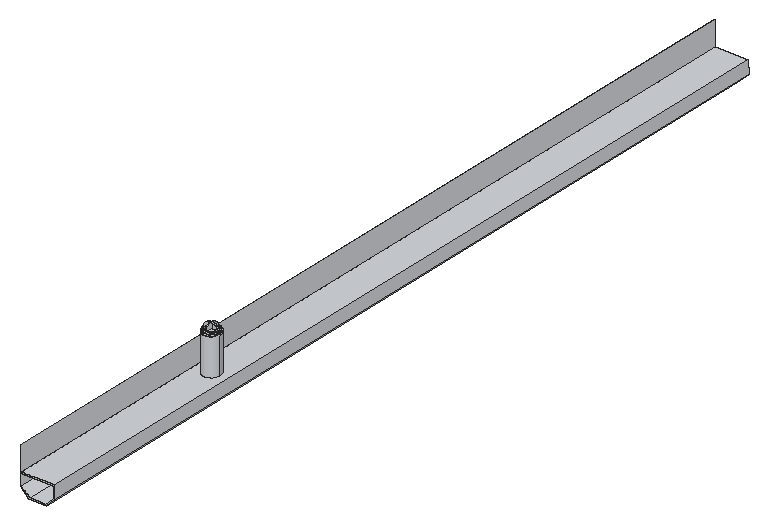
Revit family "nbl_TritonSystems_AquaChannel-ChannelRoddingEye", category Plumbing Fixtures, Revit 2012
Parameters
  WarrantyStartDate [instance] = ""
  WarrantyGuarantorParts = ""
  WarrantyGuarantorLabour = ""
  WarrantyDurationParts = ""
  WarrantyDurationLabour = ""
  WarrantyDescription = ""
  Version = "1.0"
  TagNumber [instance] = ""
  THeight = 100 mm
  SustainabilityPerformance = ""
  StandardWidth = "80 mm"
  StandardLength = "2000 mm"
  StandardHeight = "Varies"
  Size = "80 mm x Varied mm"
  Shape = "Rectangle"
  ServiceLifeType = ""
  ServiceLifeDuration = ""
  SerialNumber [instance] = ""
  RoddingEyeHeight [instance] = 85 mm
  RoddingEyeCentreOffset [instance] = 500 mm
  ReplacementCost = ""
  ReferenceStandard = ""
  ProductionYear = ""
  Process = ""
  NominalWidth = 80 mm
  NominalLength = 0 mm
  NominalHeight = 0 mm
  NBSReference = "90-05-20/302"
  NBSDescription = "Floor channels"
  ModelReference = "Triton Aqua Channel Rodding Eye"
  ModelLabel = ""
  MethodOfMeasurement = ""
  Material = "PVC"
  ManufacturerURL = "www.tritonsystems.co.uk"
  Manufacturer = "Triton Systems"
  LifeCyclePhase = ""
  IssueDate = "2012-11-26"
  InstallationDate [instance] = ""
  Help = "www.nationalBIMlibrary.com"
  Grade = ""
  Finish = ""
  Features = ""
  DrainageCount [instance] = (ChannelLength - 35 mm) / 70 mm  # 28
  DrainHoles = "19 mm"
  Documentation = "www.tritonsystems.co.uk/pdf/Triton_Pumps_Brochure.pdf"
  DocumentReference = "www.tritonsystems.co.uk"
  Description = "PVC drainage conduit"
  Constituents = ""
  Colour = "Grey and Black"
  CodePerformance = ""
  ChannelLength [instance] = 2000 mm
  BarCode [instance] = ""
  BIMObjectName = "nbl_TritonSystems_AquaChannel-RoddingEye"
  Author = "NBS"
  AssetIdentifier [instance] = ""
  AccessibilityPerformance = ""
Reference planes
  plane 1 "Center (Front/Back)": y = -100
  plane 2: z = 0
  plane 3 "Center (Left/Right)": x = 0
  plane 4: y = -1100
  plane 5: y = 900
  plane 6: y = 865
  plane 7: y = -1065
  plane 8: y = 795
  plane 9: y = -722.12
  plane 10: y = -600
  plane 11: z = 62.592
  plane 12: z = 85
  plane 13: z = -125
  plane 14: z = -50
  plane 15: x = 41
  plane 16: x = 41
Forms (mm)
  Extrusion 1, solid, detail levels medium+fine
    sketch origin (0, -0.045, 0) x (1, 0, 0) y (0, 0, 1)
      loop
        line (0, 55) -> (0, -30) -> (20, -50) -> (60, -50) -> (80, -30) -> (80, 0) -> (2, 0) -> (2, 55) -> (0, 55)
      loop
        line (2, -29.172) -> (20.828, -48) -> (59.172, -48) -> (78, -29.172) -> (78, -2) -> (2, -2) -> (2, -29.172)
    from -900.045 to 1099.955
  Extrusion 2, void
    sketch origin (2, -0.045, -29.172) x (-0.707107, 0, 0.707107) y (0, 1, 0)
      loop
        circle (-13.32, 865.045) r 9.5
    from -5.774 to 29.294
  Extrusion 3, void
    sketch origin (2, -70.045, -29.172) x (-0.707107, 0, 0.707107) y (0, 1, 0)
      loop
        circle (-13.32, 865.045) r 9.5
    from -5.774 to 29.294
  Extrusion 4, void
    sketch origin (2, -140.045, -29.172) x (-0.707107, 0, 0.707107) y (0, 1, 0)
      loop
        circle (-13.32, 865.045) r 9.5
    from -5.774 to 29.294
  Extrusion 5, void
    sketch origin (2, -210.045, -29.172) x (-0.707107, 0, 0.707107) y (0, 1, 0)
      loop
        circle (-13.32, 865.045) r 9.5
    from -5.774 to 29.294
  Extrusion 6, void
    sketch origin (2, -280.045, -29.172) x (-0.707107, 0, 0.707107) y (0, 1, 0)
      loop
        circle (-13.32, 865.045) r 9.5
    from -5.774 to 29.294
  Extrusion 7, void
    sketch origin (2, -350.045, -29.172) x (-0.707107, 0, 0.707107) y (0, 1, 0)
      loop
        circle (-13.32, 865.045) r 9.5
    from -5.774 to 29.294
  Extrusion 8, void
    sketch origin (2, -420.045, -29.172) x (-0.707107, 0, 0.707107) y (0, 1, 0)
      loop
        circle (-13.32, 865.045) r 9.5
    from -5.774 to 29.294
  Extrusion 9, void
    sketch origin (2, -490.045, -29.172) x (-0.707107, 0, 0.707107) y (0, 1, 0)
      loop
        circle (-13.32, 865.045) r 9.5
    from -5.774 to 29.294
  Extrusion 10, void
    sketch origin (2, -560.045, -29.172) x (-0.707107, 0, 0.707107) y (0, 1, 0)
      loop
        circle (-13.32, 865.045) r 9.5
    from -5.774 to 29.294
  Extrusion 11, void
    sketch origin (2, -630.045, -29.172) x (-0.707107, 0, 0.707107) y (0, 1, 0)
      loop
        circle (-13.32, 865.045) r 9.5
    from -5.774 to 29.294
  Extrusion 12, void
    sketch origin (2, -700.045, -29.172) x (-0.707107, 0, 0.707107) y (0, 1, 0)
      loop
        circle (-13.32, 865.045) r 9.5
    from -5.774 to 29.294
  Extrusion 13, void
    sketch origin (2, -770.045, -29.172) x (-0.707107, 0, 0.707107) y (0, 1, 0)
      loop
        circle (-13.32, 865.045) r 9.5
    from -5.774 to 29.294
  Extrusion 14, void
    sketch origin (2, -840.045, -29.172) x (-0.707107, 0, 0.707107) y (0, 1, 0)
      loop
        circle (-13.32, 865.045) r 9.5
    from -5.774 to 29.294
  Extrusion 15, void
    sketch origin (2, -910.045, -29.172) x (-0.707107, 0, 0.707107) y (0, 1, 0)
      loop
        circle (-13.32, 865.045) r 9.5
    from -5.774 to 29.294
  Extrusion 16, void
    sketch origin (2, -980.045, -29.172) x (-0.707107, 0, 0.707107) y (0, 1, 0)
      loop
        circle (-13.32, 865.045) r 9.5
    from -5.774 to 29.294
  Extrusion 17, void
    sketch origin (2, -1050.045, -29.172) x (-0.707107, 0, 0.707107) y (0, 1, 0)
      loop
        circle (-13.32, 865.045) r 9.5
    from -5.774 to 29.294
  Extrusion 18, void
    sketch origin (2, -1120.045, -29.172) x (-0.707107, 0, 0.707107) y (0, 1, 0)
      loop
        circle (-13.32, 865.045) r 9.5
    from -5.774 to 29.294
  Extrusion 19, void
    sketch origin (2, -1190.045, -29.172) x (-0.707107, 0, 0.707107) y (0, 1, 0)
      loop
        circle (-13.32, 865.045) r 9.5
    from -5.774 to 29.294
  Extrusion 20, void
    sketch origin (2, -1260.045, -29.172) x (-0.707107, 0, 0.707107) y (0, 1, 0)
      loop
        circle (-13.32, 865.045) r 9.5
    from -5.774 to 29.294
  Extrusion 21, void
    sketch origin (2, -1330.045, -29.172) x (-0.707107, 0, 0.707107) y (0, 1, 0)
      loop
        circle (-13.32, 865.045) r 9.5
    from -5.774 to 29.294
  Extrusion 22, void
    sketch origin (2, -1400.045, -29.172) x (-0.707107, 0, 0.707107) y (0, 1, 0)
      loop
        circle (-13.32, 865.045) r 9.5
    from -5.774 to 29.294
  Extrusion 23, void
    sketch origin (2, -1470.045, -29.172) x (-0.707107, 0, 0.707107) y (0, 1, 0)
      loop
        circle (-13.32, 865.045) r 9.5
    from -5.774 to 29.294
  Extrusion 24, void
    sketch origin (2, -1540.045, -29.172) x (-0.707107, 0, 0.707107) y (0, 1, 0)
      loop
        circle (-13.32, 865.045) r 9.5
    from -5.774 to 29.294
  Extrusion 25, void
    sketch origin (2, -1610.045, -29.172) x (-0.707107, 0, 0.707107) y (0, 1, 0)
      loop
        circle (-13.32, 865.045) r 9.5
    from -5.774 to 29.294
  Extrusion 26, void
    sketch origin (2, -1680.045, -29.172) x (-0.707107, 0, 0.707107) y (0, 1, 0)
      loop
        circle (-13.32, 865.045) r 9.5
    from -5.774 to 29.294
  Extrusion 27, void
    sketch origin (2, -1750.045, -29.172) x (-0.707107, 0, 0.707107) y (0, 1, 0)
      loop
        circle (-13.32, 865.045) r 9.5
    from -5.774 to 29.294
  Extrusion 28, void
    sketch origin (2, -1820.045, -29.172) x (-0.707107, 0, 0.707107) y (0, 1, 0)
      loop
        circle (-13.32, 865.045) r 9.5
    from -5.774 to 29.294
  Extrusion 29, void
    sketch origin (2, -1890.045, -29.172) x (-0.707107, 0, 0.707107) y (0, 1, 0)
      loop
        circle (-13.32, 865.045) r 9.5
    from -5.774 to 29.294
  Sweep 30, solid
    path origin (-150.054, -600, 1200) x (-1, 0, 0) y (0, 0, 1)
      loop
        line (-191.054, -1200) -> (-191.054, -1115)
    profile origin (41, -600, 42.5) x (1, 0, 0) y (0, 1, 0)
      loop
        circle (0, 0) r 17
      loop
        circle (0, 0) r 20
  Sweep 31, solid
    path in 3D
      loop
        arc (21, -600, 85) -> (41, -580, 85) -> (61, -600, 85) r 20
        arc (61, -600, 85) -> (41, -620, 85) -> (21, -600, 85) r 20
    profile origin (61, -600, 85) x (1, 0, 0) y (0, 0, 1)
      loop
        line (0, 0) -> (0, 1.339)
        arc (0, 1.339) -> (-0.198, 1.817) -> (-0.676, 2.015) r 0.676
        line (-0.676, 2.015) -> (-2.816, 2.015) -> (-2.816, 4.021) -> (-1.866, 4.021) -> (-1.866, 5.268)
        arc (-1.866, 5.268) -> (-2.109, 5.855) -> (-2.696, 6.097) r 0.829
        line (-2.696, 6.097) -> (-7.005, 6.097) -> (-7.005, 4.021) -> (-3.89, 4.021) -> (-3.89, 0) -> (0, 0)
  Extrusion 32, solid
    sketch origin (0, 0, 0) x (1, 0, 0) y (0, 1, 0)
      loop
        circle (41, -600) r 12.995
    from 85 to 91.097
  Extrusion 33, solid
    sketch origin (-150.054, -600, 1200) x (-1, 0, 0) y (0, 0, 1)
      loop
        arc (-173.87, -1108.903) -> (-191.054, -1096.183) -> (-208.237, -1108.903) r 17.967
        line (-208.237, -1108.903) -> (-173.87, -1108.903)
    from -1.056 to 1.056
  Extrusion 34, solid
    sketch origin (40.169, -1207.314, 1200) x (0, -1, 0) y (0, 0, 1)
      loop
        arc (-590.131, -1108.903) -> (-607.314, -1096.183) -> (-624.498, -1108.903) r 17.967
        line (-624.498, -1108.903) -> (-590.131, -1108.903)
    from 0.121 to -1.783
Cuts and joins
  Extrusion 2, Extrusion 3, Extrusion 4, Extrusion 5, Extrusion 6, Extrusion 7, Extrusion 8, Extrusion 9, Extrusion 10, Extrusion 11, Extrusion 12, Extrusion 13, Extrusion 14, Extrusion 15, Extrusion 16, Extrusion 17, Extrusion 18, Extrusion 19, Extrusion 20, Extrusion 21, Extrusion 22, Extrusion 23, Extrusion 24, Extrusion 25, Extrusion 26, Extrusion 27, Extrusion 28, Extrusion 29 cuts Extrusion 1
Lines and regions (mm)
  sketch lines
    curve 1: arc (61, -600, 85) -> (41, -620, 85) -> (21, -600, 85) r 20
    curve 2: arc (21, -600, 85) -> (41, -580, 85) -> (61, -600, 85) r 20
Dimensions and locks
  Extrusion 1 sketch curve to Extrusion 1 sketch curve = 2 mm
  equal spacing: plane 4, plane 1 "Center (Front/Back)", plane 5
  "ChannelLength": plane 4 to plane 5
  locked: plane 6 to plane 5 at 35
  locked: plane 7 to plane 4 at 35
  locked: plane 6 to plane 8 at 70
  equal spacing: group 1, group 2, group 3, group 4, group 5, group 6, group 7, group 8, group 9, group 10, group 11, group 12, group 13, group 14, group 15, group 16, group 17, group 18, group 19, group 20, group 21, group 22, group 23, group 24, group 25, group 26, group 27, group 28  (x2)
  equal spacing: group 28, group 27, group 26, group 25, group 24, group 23, group 22, group 21, group 20, group 19, group 18, group 17, group 16, group 15, group 14, group 13, group 12, group 11, group 10, group 9, group 8, group 7, group 6, group 5, group 4, group 3, group 2, group 1
  "RoddingEyeHeight": plane 12 to level
  locked: level to plane 14 at 50
  plane 14 to plane 13 = 75 mm
  "RoddingEyeCentreOffset": plane 4 to plane 10
  equal spacing: Extrusion 33, plane 10, Extrusion 33
  locked: Extrusion 33 to Extrusion 33 at 2.111
  equal spacing: Extrusion 34, plane 15, Extrusion 34
  aligned and locked: level to plane 2
  aligned and locked: Extrusion 1 to plane 5
  aligned and locked: plane 4 to Extrusion 1
  aligned and locked: plane 12 to Sweep 30 sketch curve
  aligned and locked: plane 2 to Sweep 30 sketch curve
  aligned and locked: plane 10 to Extrusion 32 sketch curve  (x2)
  aligned and locked: Extrusion 32 to Sweep 30
  aligned and locked: Extrusion 32 to Sweep 31
Automatic sketch dimensions
  Extrusion 1 sketch curve to plane 3 "Center (Left/Right)" = 0 mm
  Extrusion 1 sketch curve to level = 0 mm
  plane 3 "Center (Left/Right)" to Extrusion 1 sketch curve = 2 mm
  plane 3 "Center (Left/Right)" to Extrusion 1 sketch curve = 20 mm
  Extrusion 1 sketch curve to Extrusion 1 sketch curve = 0.828 mm  (x4)
  Extrusion 1 sketch curve to Extrusion 1 sketch curve = 38.343 mm
  Extrusion 1 sketch curve to Extrusion 1 sketch curve = 18.828 mm  (x2)
  Extrusion 1 sketch curve to Extrusion 1 sketch curve = 2 mm  (x2)
  Extrusion 1 sketch curve to level = 2 mm
  Extrusion 1 sketch curve to Extrusion 1 sketch curve = 27.172 mm  (x2)
  Extrusion 1 sketch curve to Extrusion 1 sketch curve = 55 mm
  Sweep 30 sketch curve to Sweep 30 sketch curve = 0 mm  (x2)
  Sweep 30 sketch curve to plane 10 = 0 mm
  Sweep 30 sketch curve to profile plane = 0 mm
  plane 3 "Center (Left/Right)" to Sweep 30 sketch curve = 41 mm
  Sweep 31 sketch curve to profile plane = 0 mm
  profile plane to Sweep 31 sketch curve = 0 mm
  profile plane to Sweep 31 sketch curve = 0.676 mm
  profile plane to Sweep 31 sketch curve = 1.866 mm
  Sweep 31 sketch curve to Sweep 31 sketch curve = 0.829 mm
  Sweep 31 sketch curve to Sweep 31 sketch curve = 0.95 mm
  Sweep 31 sketch curve to Sweep 31 sketch curve = 1.074 mm
  Sweep 31 sketch curve to Sweep 31 sketch curve = 3.115 mm
  profile plane to Sweep 31 sketch curve = 1.339 mm
  Sweep 31 sketch curve to Sweep 31 sketch curve = 2.006 mm
  profile plane to Sweep 31 sketch curve = 4.021 mm
  Sweep 31 sketch curve to Sweep 31 sketch curve = 1.247 mm
  plane 3 "Center (Left/Right)" to Extrusion 32 sketch curve = 28.005 mm
  Extrusion 32 sketch curve to Extrusion 32 sketch curve = 12.995 mm
  plane 12 to Extrusion 33 sketch curve = 6.097 mm
  plane 3 "Center (Left/Right)" to Extrusion 33 sketch curve = 58.184 mm
  plane 12 to Extrusion 33 sketch curve = 0.851 mm
  Extrusion 33 sketch curve to Extrusion 33 sketch curve = 17.184 mm
  Extrusion 34 sketch curve to plane 10 = 0 mm
  plane 12 to Extrusion 34 sketch curve = 6.097 mm
  plane 10 to Extrusion 34 sketch curve = 17.184 mm
  plane 12 to Extrusion 34 sketch curve = 0.851 mm
  radius of Extrusion 2 sketch curve = 9.5 mm
  radius of Extrusion 3 sketch curve = 9.5 mm
  radius of Extrusion 4 sketch curve = 9.5 mm
  radius of Extrusion 5 sketch curve = 9.5 mm
  radius of Extrusion 6 sketch curve = 9.5 mm
  radius of Extrusion 7 sketch curve = 9.5 mm
  radius of Extrusion 8 sketch curve = 9.5 mm
  radius of Extrusion 9 sketch curve = 9.5 mm
  radius of Extrusion 10 sketch curve = 9.5 mm
  radius of Extrusion 11 sketch curve = 9.5 mm
  radius of Extrusion 12 sketch curve = 9.5 mm
  radius of Extrusion 13 sketch curve = 9.5 mm
  radius of Extrusion 14 sketch curve = 9.5 mm
  radius of Extrusion 15 sketch curve = 9.5 mm
  radius of Extrusion 16 sketch curve = 9.5 mm
  radius of Extrusion 17 sketch curve = 9.5 mm
  radius of Extrusion 18 sketch curve = 9.5 mm
  radius of Extrusion 19 sketch curve = 9.5 mm
  radius of Extrusion 20 sketch curve = 9.5 mm
  radius of Extrusion 21 sketch curve = 9.5 mm
  radius of Extrusion 22 sketch curve = 9.5 mm
  radius of Extrusion 23 sketch curve = 9.5 mm
  radius of Extrusion 24 sketch curve = 9.5 mm
  radius of Extrusion 25 sketch curve = 9.5 mm
  radius of Extrusion 26 sketch curve = 9.5 mm
  radius of Extrusion 27 sketch curve = 9.5 mm
  radius of Extrusion 28 sketch curve = 9.5 mm
  radius of Extrusion 29 sketch curve = 9.5 mm
  radius of Sweep 30 sketch curve = 17 mm
  radius of Sweep 30 sketch curve = 20 mm
